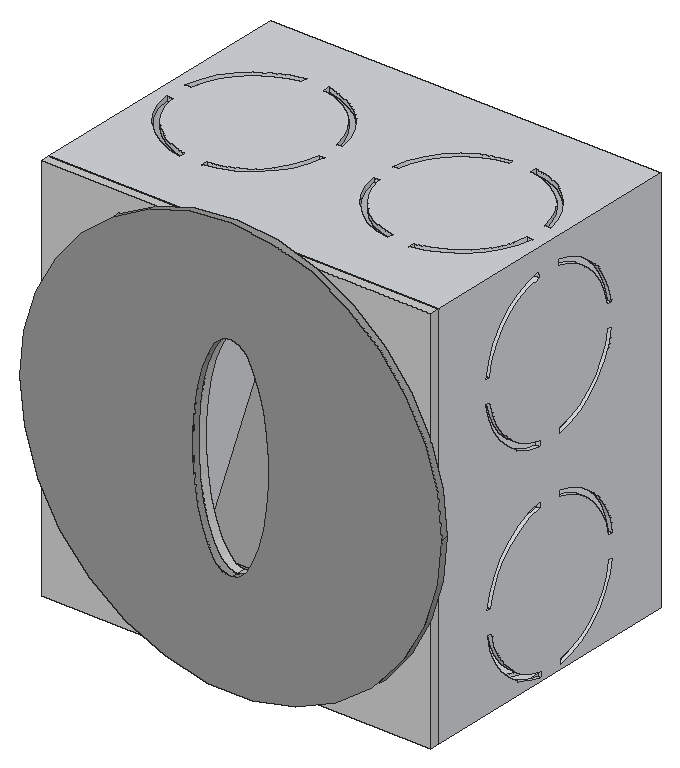
Revit family "LED OLIVE 02_LZE11WW", category Luminarias, Revit 2019
Family settings
  Cota de conector redondo = Diámetro de uso
  Tipo de pieza = Normal
  Se basa en plano de trabajo = Sí
  Siempre vertical = No
  Corte con vacíos al cargar = No
  Origen de luz = Sí
  Compartido = No
  Punto de cálculo de habitación = No
Parameters (values of type "LED OLIVE 02_LZE11WW")
  Zone [instance] = ""
  Watt per fixture = 4
  Wattage = 4 W
  built-in parameter 1150107 = 3000 (stored number, unit not read)
  Tamaño de símbolo de origen de luz = 100 mm
  built-in parameter 1150110 = 1 (stored number, unit not read)
  built-in parameter 1150109 = 1 (stored number, unit not read)
  built-in parameter 1150112 = 1 (stored number, unit not read)
  built-in parameter 1150113 = 1 (stored number, unit not read)
  built-in parameter 1114218 = 1 (stored number, unit not read)
  Keynote = ""
  built-in parameter 1150137 = (empty or 0)
  built-in parameter 1150132 = (empty or 0)
  Modelo = "LZE11WW"
  Lámpara = "Cree"
  Longitud [instance] = 1000 mm
  built-in parameter 1150105 = 45.837 (stored number, unit not read)
  built-in parameter 1150102 = (empty or 0)
  built-in parameter 1150106 = 0.45837 (stored number, unit not read)
  Lumens = 144 lm
  Color Filter = 16777215
  built-in parameter 1114217 = 1 (stored number, unit not read)
  built-in parameter 1150139 = (empty or 0)
  Fabricante = "BRILLANT"
  Default Elevation = 0 mm
  built-in parameter 1150104 = 3.3445 (stored number, unit not read)
  Descripción = "LUMINARIA TIPO CORTESIA TIPO CIRCULAR PARA EMPOTRAR EN MURO CON CUERPO DE ALUMINIO, IP 20 USO PARA INTERIORES, CUENTA CON 1 LED TIPO CREE CON UNA POTENCIA TOTAL DE 4W, A UNA TEMPERATURA EN BLANCO CALIDO 3000K CON 144 LUMENES, EFICIENCIA DE 36LM/W, IRC 80, APERTURA A 45 GRADOS EN STOCK, CABLE 0.5M CON FUENTE EXTERNA REMOTA (INCLUIDA) ALIMENTADA A 90-240V."
  built-in parameter 1150115 = 1 (stored number, unit not read)
  built-in parameter 1150114 = 1 (stored number, unit not read)
  Comentarios de vataje = "90-240V"
  built-in parameter 1150138 = (empty or 0)
  built-in parameter 1150134 = (empty or 0)
  Circuit [instance] = ""
  Dimming Lamp Color Temperature Shift = (empty or 0)
  built-in parameter 1150133 = 10 (stored number, unit not read)
Reference planes
  plane 1 "Centro (Frontal/Posterior)": y = 0
  plane 2: z = 0
  plane 3 "Centro (Izquierda/Derecha)": x = 0
  plane 4: z = 34.812
Forms (mm)
  Extrusion 1, solid
    sketch origin (0, 0, 0) x (1, 0, 0) y (0, 0, 1)
      loop
        line (-36.5, 73) -> (-36.5, 0) -> (36.5, 0) -> (36.5, 73) -> (-36.5, 73)
      loop
        line (35.7, 72.2) -> (-35.7, 72.2) -> (-35.7, 0.8) -> (35.7, 0.8) -> (35.7, 72.2)
    from -53.773 to -1.782
  Extrusion 2, solid
    sketch origin (0, 0, 0) x (1, 0, 0) y (0, 0, 1)
      loop
        line (-36.5, 73) -> (-36.5, 0) -> (36.5, 0) -> (36.5, 73) -> (-36.5, 73)
    from -53.773 to -52.591
  Extrusion 3, solid, material "Malla"
    sketch origin (0, 0, 0) x (1, 0, 0) y (0, 0, 1)
      loop
        line (-36.5, 73) -> (-36.5, 0) -> (36.5, 0) -> (36.5, 73) -> (-36.5, 73)
      loop
        spline (0, 16.5) -> (1.856, 17.181) -> (3.585, 19.179) -> (5.069, 22.358) -> (6.209, 26.5) -> (6.925, 31.324) -> (7.169, 36.5) -> (6.925, 41.676) -> (6.209, 46.5) -> (5.069, 50.642) -> (3.585, 53.821) -> (1.856, 55.819) -> (0, 56.5)
        spline (0, 56.5) -> (-1.856, 55.819) -> (-3.585, 53.821) -> (-5.069, 50.642) -> (-6.209, 46.5) -> (-6.925, 41.676) -> (-7.169, 36.5) -> (-6.925, 31.324) -> (-6.209, 26.5) -> (-5.069, 22.358) -> (-3.585, 19.179) -> (-1.856, 17.181) -> (0, 16.5)
    from -1.782 to 0
  Extrusion 4, void
    sketch origin (0, 0, 0) x (1, 0, 0) y (0, 1, 0)
      loop
        arc (-21.456, 43.384) -> (-29.97, 39.216) -> (-34.285, 30.775) r 15
        line (-34.285, 30.775) -> (-33.109, 30.775)
        arc (-33.109, 30.775) -> (-29.149, 38.395) -> (-21.456, 42.211) r 13.839
        line (-21.456, 42.211) -> (-21.456, 43.384)
      loop
        arc (-34.322, 26.518) -> (-30.062, 17.912) -> (-21.456, 13.652) r 15
        line (-21.456, 13.652) -> (-21.456, 14.825)
        arc (-21.456, 14.825) -> (-29.241, 18.733) -> (-33.149, 26.518) r 13.839
        line (-33.149, 26.518) -> (-34.322, 26.518)
      loop
        line (-17.456, 43.384) -> (-17.456, 42.211)
        arc (-17.456, 42.211) -> (-9.763, 38.395) -> (-5.802, 30.775) r 13.839
        line (-5.802, 30.775) -> (-4.626, 30.775)
        arc (-4.626, 30.775) -> (-8.941, 39.216) -> (-17.456, 43.384) r 15
      loop
        line (-17.456, 14.825) -> (-17.456, 13.652)
        arc (-17.456, 13.652) -> (-8.849, 17.912) -> (-4.59, 26.518) r 15
        line (-4.59, 26.518) -> (-5.762, 26.518)
        arc (-5.762, 26.518) -> (-9.67, 18.733) -> (-17.456, 14.825) r 13.839
      loop
        line (21.456, 43.384) -> (21.456, 42.211)
        arc (21.456, 42.211) -> (29.149, 38.395) -> (33.109, 30.775) r 13.839
        line (33.109, 30.775) -> (34.285, 30.775)
        arc (34.285, 30.775) -> (29.97, 39.216) -> (21.456, 43.384) r 15
      loop
        line (34.322, 26.518) -> (33.149, 26.518)
        arc (33.149, 26.518) -> (29.241, 18.733) -> (21.456, 14.825) r 13.839
        line (21.456, 14.825) -> (21.456, 13.652)
        arc (21.456, 13.652) -> (30.062, 17.912) -> (34.322, 26.518) r 15
      loop
        arc (17.456, 43.384) -> (8.941, 39.216) -> (4.626, 30.775) r 15
        line (4.626, 30.775) -> (5.802, 30.775)
        arc (5.802, 30.775) -> (9.763, 38.395) -> (17.456, 42.211) r 13.839
        line (17.456, 42.211) -> (17.456, 43.384)
      loop
        arc (17.456, 14.825) -> (9.67, 18.733) -> (5.762, 26.518) r 13.839
        line (5.762, 26.518) -> (4.59, 26.518)
        arc (4.59, 26.518) -> (8.849, 17.912) -> (17.456, 13.652) r 15
        line (17.456, 13.652) -> (17.456, 14.825)
    from -8.318 to 0.8
  Extrusion 5, void
    sketch origin (0, 0, 69.623) x (0, -1, 0) y (1, 0, 0)
      loop
        arc (-43.384, -21.456) -> (-39.216, -29.97) -> (-30.775, -34.285) r 15
        line (-30.775, -34.285) -> (-30.775, -33.109)
        arc (-30.775, -33.109) -> (-38.395, -29.149) -> (-42.211, -21.456) r 13.839
        line (-42.211, -21.456) -> (-43.384, -21.456)
      loop
        arc (-26.518, -34.322) -> (-17.912, -30.062) -> (-13.652, -21.456) r 15
        line (-13.652, -21.456) -> (-14.825, -21.456)
        arc (-14.825, -21.456) -> (-18.733, -29.241) -> (-26.518, -33.149) r 13.839
        line (-26.518, -33.149) -> (-26.518, -34.322)
      loop
        line (-43.384, -17.456) -> (-42.211, -17.456)
        arc (-42.211, -17.456) -> (-38.395, -9.763) -> (-30.775, -5.802) r 13.839
        line (-30.775, -5.802) -> (-30.775, -4.626)
        arc (-30.775, -4.626) -> (-39.216, -8.941) -> (-43.384, -17.456) r 15
      loop
        line (-14.825, -17.456) -> (-13.652, -17.456)
        arc (-13.652, -17.456) -> (-17.912, -8.849) -> (-26.518, -4.59) r 15
        line (-26.518, -4.59) -> (-26.518, -5.762)
        arc (-26.518, -5.762) -> (-18.733, -9.67) -> (-14.825, -17.456) r 13.839
      loop
        line (-43.384, 21.456) -> (-42.211, 21.456)
        arc (-42.211, 21.456) -> (-38.395, 29.149) -> (-30.775, 33.109) r 13.839
        line (-30.775, 33.109) -> (-30.775, 34.285)
        arc (-30.775, 34.285) -> (-39.216, 29.97) -> (-43.384, 21.456) r 15
      loop
        line (-26.518, 34.322) -> (-26.518, 33.149)
        arc (-26.518, 33.149) -> (-18.733, 29.241) -> (-14.825, 21.456) r 13.839
        line (-14.825, 21.456) -> (-13.652, 21.456)
        arc (-13.652, 21.456) -> (-17.912, 30.062) -> (-26.518, 34.322) r 15
      loop
        arc (-43.384, 17.456) -> (-39.216, 8.941) -> (-30.775, 4.626) r 15
        line (-30.775, 4.626) -> (-30.775, 5.802)
        arc (-30.775, 5.802) -> (-38.395, 9.763) -> (-42.211, 17.456) r 13.839
        line (-42.211, 17.456) -> (-43.384, 17.456)
      loop
        arc (-14.825, 17.456) -> (-18.733, 9.67) -> (-26.518, 5.762) r 13.839
        line (-26.518, 5.762) -> (-26.518, 4.59)
        arc (-26.518, 4.59) -> (-17.912, 8.849) -> (-13.652, 17.456) r 15
        line (-13.652, 17.456) -> (-14.825, 17.456)
    from 0.888 to 8.691
  Extrusion 6, void
    sketch origin (0, 0, 0) x (0, 1, 0) y (0, 0, 1)
      loop
        line (42.694, 13.48) -> (41.521, 13.47)
        arc (41.521, 13.47) -> (37.769, 5.746) -> (30.183, 1.722) r 13.839
        line (30.183, 1.722) -> (30.193, 0.546)
        arc (30.193, 0.546) -> (38.597, 4.931) -> (42.694, 13.48) r 15
      loop
        line (25.936, 0.473) -> (25.926, 1.646)
        arc (25.926, 1.646) -> (18.109, 5.489) -> (14.136, 13.241) r 13.839
        line (14.136, 13.241) -> (12.963, 13.231)
        arc (12.963, 13.231) -> (17.294, 4.661) -> (25.936, 0.473) r 15
      loop
        arc (42.661, 17.48) -> (38.422, 25.959) -> (29.945, 30.203) r 15
        line (29.945, 30.203) -> (29.954, 29.027)
        arc (29.954, 29.027) -> (37.607, 25.131) -> (41.488, 17.47) r 13.839
        line (41.488, 17.47) -> (42.661, 17.48)
      loop
        arc (14.102, 17.241) -> (17.945, 25.059) -> (25.697, 29.032) r 13.839
        line (25.697, 29.032) -> (25.688, 30.204)
        arc (25.688, 30.204) -> (17.117, 25.873) -> (12.93, 17.231) r 15
        line (12.93, 17.231) -> (14.102, 17.241)
      loop
        arc (42.335, 56.39) -> (38.096, 64.869) -> (29.619, 69.113) r 15
        line (29.619, 69.113) -> (29.629, 67.937)
        arc (29.629, 67.937) -> (37.282, 64.041) -> (41.163, 56.38) r 13.839
        line (41.163, 56.38) -> (42.335, 56.39)
      loop
        arc (25.362, 69.114) -> (16.792, 64.783) -> (12.604, 56.141) r 15
        line (12.604, 56.141) -> (13.777, 56.151)
        arc (13.777, 56.151) -> (17.62, 63.969) -> (25.372, 67.942) r 13.839
        line (25.372, 67.942) -> (25.362, 69.114)
      loop
        line (42.369, 52.39) -> (41.196, 52.38)
        arc (41.196, 52.38) -> (37.444, 44.655) -> (29.857, 40.632) r 13.839
        line (29.857, 40.632) -> (29.867, 39.456)
        arc (29.867, 39.456) -> (38.272, 43.841) -> (42.369, 52.39) r 15
      loop
        line (13.811, 52.151) -> (12.638, 52.141)
        arc (12.638, 52.141) -> (16.969, 43.571) -> (25.611, 39.383) r 15
        line (25.611, 39.383) -> (25.601, 40.556)
        arc (25.601, 40.556) -> (17.783, 44.399) -> (13.811, 52.151) r 13.839
    from 35.7 to 44.031
  Extrusion 7, void
    sketch origin (0, 0, 0) x (0, 1, 0) y (0, 0, -1)
      loop
        arc (42.694, -13.48) -> (38.597, -4.931) -> (30.193, -0.546) r 15
        line (30.193, -0.546) -> (30.183, -1.722)
        arc (30.183, -1.722) -> (37.769, -5.746) -> (41.521, -13.47) r 13.839
        line (41.521, -13.47) -> (42.694, -13.48)
      loop
        arc (25.936, -0.473) -> (17.294, -4.661) -> (12.963, -13.231) r 15
        line (12.963, -13.231) -> (14.136, -13.241)
        arc (14.136, -13.241) -> (18.109, -5.489) -> (25.926, -1.646) r 13.839
        line (25.926, -1.646) -> (25.936, -0.473)
      loop
        line (42.661, -17.48) -> (41.488, -17.47)
        arc (41.488, -17.47) -> (37.607, -25.131) -> (29.954, -29.027) r 13.839
        line (29.954, -29.027) -> (29.945, -30.203)
        arc (29.945, -30.203) -> (38.422, -25.959) -> (42.661, -17.48) r 15
      loop
        line (14.102, -17.241) -> (12.93, -17.231)
        arc (12.93, -17.231) -> (17.117, -25.873) -> (25.688, -30.204) r 15
        line (25.688, -30.204) -> (25.697, -29.032)
        arc (25.697, -29.032) -> (17.945, -25.059) -> (14.102, -17.241) r 13.839
      loop
        line (42.335, -56.39) -> (41.163, -56.38)
        arc (41.163, -56.38) -> (37.282, -64.041) -> (29.629, -67.937) r 13.839
        line (29.629, -67.937) -> (29.619, -69.113)
        arc (29.619, -69.113) -> (38.096, -64.869) -> (42.335, -56.39) r 15
      loop
        line (25.362, -69.114) -> (25.372, -67.942)
        arc (25.372, -67.942) -> (17.62, -63.969) -> (13.777, -56.151) r 13.839
        line (13.777, -56.151) -> (12.604, -56.141)
        arc (12.604, -56.141) -> (16.792, -64.783) -> (25.362, -69.114) r 15
      loop
        arc (42.369, -52.39) -> (38.272, -43.841) -> (29.867, -39.456) r 15
        line (29.867, -39.456) -> (29.857, -40.632)
        arc (29.857, -40.632) -> (37.444, -44.655) -> (41.196, -52.38) r 13.839
        line (41.196, -52.38) -> (42.369, -52.39)
      loop
        arc (13.811, -52.151) -> (17.783, -44.399) -> (25.601, -40.556) r 13.839
        line (25.601, -40.556) -> (25.611, -39.383)
        arc (25.611, -39.383) -> (16.969, -43.571) -> (12.638, -52.141) r 15
        line (12.638, -52.141) -> (13.811, -52.151)
    from 35.7 to 44.031
  Extrusion 8, solid, material "Acabado Blanco"
    sketch origin (0, 0, 0) x (1, 0, 0) y (0, 0, 1)
      loop
        circle (0, 36.5) r 39.5
      loop
        spline (0, 16.5) -> (1.853, 17.181) -> (3.58, 19.179) -> (5.063, 22.358) -> (6.201, 26.5) -> (6.916, 31.324) -> (7.16, 36.5) -> (6.916, 41.676) -> (6.201, 46.5) -> (5.063, 50.642) -> (3.58, 53.821) -> (1.853, 55.819) -> (0, 56.5)
        spline (0, 56.5) -> (-1.853, 55.819) -> (-3.58, 53.821) -> (-5.063, 50.642) -> (-6.201, 46.5) -> (-6.916, 41.676) -> (-7.16, 36.5) -> (-6.916, 31.324) -> (-6.201, 26.5) -> (-5.063, 22.358) -> (-3.58, 19.179) -> (-1.853, 17.181) -> (0, 16.5)
    from 0 to 1.302
  Extrusion 9, solid
    sketch origin (0, 0, 0) x (1, 0, 0) y (0, 0, 1)
      loop
        circle (0, 36.5) r 25
      loop
        line (-7.948, 56.5) -> (-7.948, 14.36) -> (7.903, 14.36) -> (7.903, 56.5) -> (-7.948, 56.5)
    from -25.926 to -1.782
  Extrusion 10, solid, material "Acabado Blanco"
    sketch origin (0, 0, 0) x (0, 1, 0) y (0, 0, 1)
      loop
        line (1.782, 16.917) -> (1.782, 14.36) -> (24.184, 56.5) -> (1.782, 56.5) -> (1.782, 55.3) -> (22.187, 55.3) -> (1.782, 16.917)
    from -7.948 to 7.903
  Revolve 11, solid, material "Cristal"
    sketch origin (-105.602, 8.517, 127.428) x (1, 0, 0) y (0, 0, 1)
      loop
        spline (105.714, -74.52) -> (106.343, -74.452) -> (106.961, -74.357) -> (107.565, -74.236) -> (108.153, -74.09) -> (108.72, -73.92) -> (109.263, -73.725) -> (109.781, -73.508) -> (110.269, -73.27) -> (110.725, -73.011) -> (111.147, -72.733) -> (111.533, -72.439) -> (111.879, -72.128)
        line (111.879, -72.128) -> (105.714, -72.128) -> (105.714, -74.52)
      axis (105.714, -72.128) -> (105.714, -74.52)
    angle from 0 to 360
Cuts and joins
  Extrusion 4, Extrusion 5, Extrusion 6, Extrusion 7 cuts Extrusion 1
  Extrusion 5, Extrusion 7 cuts Extrusion 2
  joined: Extrusion 1, Extrusion 2
Dimensions and locks
  Extrusion 1 to Extrusion 1 = 51.991 mm
  equal spacing: Extrusion 3 sketch curve, plane 3 "Centro (Izquierda/Derecha)", Extrusion 3 sketch curve
  Extrusion 3 sketch curve to plane 4 to Extrusion 3 sketch curve = 38.188 mm, 34.812 mm
  plane 3 "Centro (Izquierda/Derecha)" to Extrusion 3 sketch curve = 36.5 mm
  Extrusion 3 sketch curve to plane 4 = 38.188 mm
  Extrusion 3 sketch curve to Extrusion 3 sketch curve = 73 mm
  Extrusion 9 to Extrusion 3 = 24.144 mm
  aligned and locked: level to plane 2
  aligned and locked: Extrusion 2 to Extrusion 1
Connectors
  electrical at (0, 52.591, 36.5)
    settings: on cut or joined group of Extrusion 1, Extrusion 2, Extrusion 4, Extrusion 5, Extrusion 6, Extrusion 7, index 1, voltage 240 V, apparent load 0 VA, apparent load phase1 0 VA, apparent load phase2 0 VA, apparent load phase3 0 VA, power factor 1, load classification "Otro", number of poles 1, system type 31, power factor state 1, is connector primary yes, connector utility no, sub classification motor no, connector description ""
